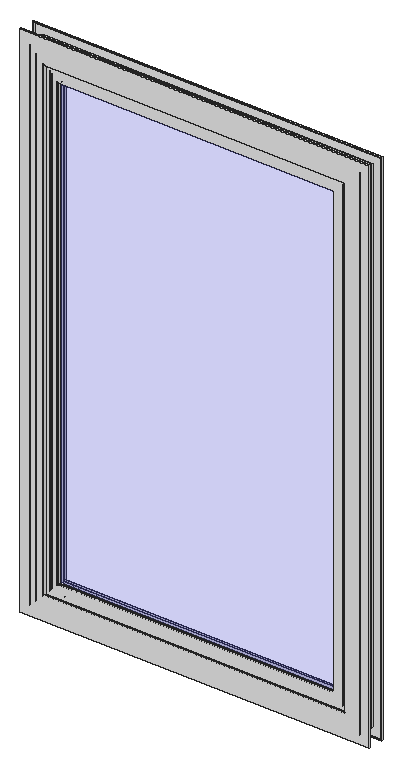
Revit family "WAL_A3-Thermosash-Window-600X900-PS6L", category Windows, host Wall, Revit 2016
Family settings
  Host = Wall
  Always vertical = Yes
  Cut with Voids When Loaded = No
  Shared = No
  Room Calculation Point = No
Parameters (values of type "600 x 900 PS6L Thermosas")
  URL = "www.agi.co.za"
  Trim Material = Metal - Aluminium
  Model = "Top Hung"
  Manufacturer Code = "PS6L"
  Manufacturer = "AGI Aluminium"
  Height = 900 mm
  Glass Material = Glass
  Frame Material = Metal - Aluminium
  Description = "Thermosash Window"
  Default Sill Height = 800 mm
  Wall Closure = By host
  Width = 600 mm
  Assembly Code = "B2020110"
Reference planes
  plane 1 "Center": y = 0
  plane 2 "Center (Left/Right)": x = 0
  plane 3 "Left": x = -300
  plane 4 "Right": x = 300
  plane 5 "Sill": z = 800
  plane 6 "Head": z = 1700
  plane 7 "Exterior": y = 75
  plane 8 "Interior": y = -75
  plane 9: z = 1702
  plane 10: x = 302
  plane 11: x = -302
  plane 12: z = 798
  plane 13: z = 1664
  plane 14: z = 836
  plane 15: x = 264
  plane 16: x = -264
Forms (mm)
  Sweep 1, solid, material "Metal - Aluminium" <- "Frame Material", detail levels medium+fine
    path origin (0, 0, 0) x (1, 0, 0) y (0, 0, 1)
      loop
        line (300, 1700) -> (-300, 1700) -> (-300, 800) -> (300, 800) -> (300, 1700)
    profile "Frame : Frame" origin (0, 0, 1700) x (0, 0, -1) y (0, -1, 0)
      loop
        line (0, -30) -> (28, -30) -> (28, -29) -> (26, -29) -> (26, -1) -> (28, -1) -> (28, -7) -> (29, -7) -> (29, -1) -> (37, -1) -> (37, -3.645) -> (38, -3.645) -> (38, -1) -> (40, -1) -> (40, -3.645) -> (41, -3.645) -> (41, 0) -> (0, 0) -> (0, -2) -> (1, -2) -> (1, -1) -> (15.005, -1) -> (15.005, -4) -> (16.005, -4) -> (16.005, -1) -> (25, -1) -> (25, -29) -> (16.005, -29) -> (16.005, -26) -> (15.005, -26) -> (15.005, -29) -> (1, -29) -> (1, -28) -> (0, -28) -> (0, -30)
  Sweep 2, solid, material "Metal - Aluminium" <- "Frame Material", detail levels medium+fine
    path origin (0, 0, 0) x (1, 0, 0) y (0, 0, 1)
      loop
        line (302, 1702) -> (-302, 1702) -> (-302, 798) -> (302, 798) -> (302, 1702)
    profile "Casement : Casement" origin (0, 0, 1702) x (0, 0, -1) y (0, -1, 0)
      loop
        line (40, -4.645) -> (40, -32.645) -> (49, -32.645) -> (49, -4.645) -> (40, -4.645)
      loop
        line (65, -3.645) -> (37, -3.645) -> (37, -4.645) -> (39, -4.645) -> (39, -32.645) -> (37, -32.645) -> (37, -26.645) -> (36, -26.645) -> (36, -32.645) -> (28, -32.645) -> (28, -30) -> (27, -30) -> (27, -32.645) -> (25, -32.645) -> (25, -30) -> (24, -30) -> (24, -33.645) -> (50, -33.645) -> (50, -4.645) -> (52, -4.645) -> (52, -10.645) -> (53, -10.645) -> (53, -4.645) -> (61, -4.645) -> (61, -7.289) -> (62, -7.289) -> (62, -4.645) -> (64, -4.645) -> (64, -7.289) -> (65, -7.289) -> (65, -3.645)
  Sweep 3, solid, material "Metal - Aluminium" <- "Trim Material", detail levels medium+fine
    path origin (0, 0, 0) x (1, 0, 0) y (0, 0, 1)
      loop
        line (264, 1664) -> (-264, 1664) -> (-264, 836) -> (264, 836) -> (264, 1664)
    profile "Trim : Trim" origin (0, 0, 1664) x (0, 0, -1) y (0, -1, 0)
      loop
        line (24.555, -4.643) -> (24.555, -7.05)
        arc (24.555, -7.05) -> (23.436, -7.753) -> (23, -9) r 2
        line (23, -9) -> (27, -9)
        arc (27, -9) -> (26.552, -7.739) -> (25.41, -7.042) r 2
        line (25.41, -7.042) -> (25.41, -4.643) -> (24.555, -4.643)
      loop
        line (14, -32) -> (29, -17) -> (29, -15.474) -> (26.323, -15.474)
        arc (26.323, -15.474) -> (26.823, -14.797) -> (27, -13.974) r 2
        line (27, -13.974) -> (23, -13.974)
        arc (23, -13.974) -> (23.177, -14.797) -> (23.677, -15.474) r 2
        line (23.677, -15.474) -> (13.467, -15.474) -> (13.467, -7) -> (12.5, -7) -> (12.5, -16.474) -> (20.535, -16.474) -> (24.323, -20.263) -> (12.586, -32) -> (14, -32)
  Extrusion 4, solid, material "Glass" <- "Glass Material", detail levels medium+fine
    sketch origin (0, 0, 0) x (1, 0, 0) y (0, 1, 0)
      loop
        line (-241.018, 13.974) -> (-241.018, 9) -> (241, 9) -> (241, 13.974) -> (-241.018, 13.974)
    from 859 to 1641
Lines and regions (mm)
  Opening 1
    outline origin (3500, -75, 0) x (1, 0, 0) y (0, 0, 1)
      loop
        line (-3200, 800) -> (-3200, 1700) -> (-3800, 1700) -> (-3800, 800) -> (-3200, 800)
  symbolic lines, style "Elevation Swing"
    curve 1: line (278, 0, 1678) -> (-278, 0, 1250)
    curve 2: line (-278, 0, 1250) -> (277, 0, 823)
Text (mm)
  text "EXTERIOR" at (-1963.203, 1332.353, 0), in view "Ref. Level"
  text "INTERIOR" at (-1981.466, -818.386, 0), in view "Ref. Level"
  text "Exterior" at (0, 923.751, 2943.296), in view "Right"
  text "Exterior" at (0, 1040.484, 2685.409), in view "Left"
Dimensions and locks
  equal spacing: plane 3 "Left", plane 2 "Center (Left/Right)", plane 4 "Right"
  "Width": plane 3 "Left" to plane 4 "Right"
  "Height": plane 5 "Sill" to plane 6 "Head"
  "Default Sill Height": plane 5 "Sill" to level
  locked: plane 7 "Exterior" to host wall at 0
  locked: plane 8 "Interior" to host wall
  locked: plane 12 to plane 5 "Sill" at 2
  locked: plane 6 "Head" to plane 9 at 2
  locked: plane 4 "Right" to plane 10 at 2
  locked: plane 11 to plane 3 "Left" at 2
  locked: plane 15 to plane 4 "Right" at 36
  locked: plane 3 "Left" to plane 16 at 36
  locked: plane 5 "Sill" to plane 14 at 36
  locked: plane 13 to plane 6 "Head" at 36
  aligned and locked: host wall to Sweep 1 sketch curve
  aligned and locked: Sweep 1 sketch curve to host wall  (x3)
  aligned and locked: Sweep 2 sketch curve to plane 9
  aligned and locked: plane 10 to Sweep 2 sketch curve
  aligned and locked: plane 12 to Sweep 2 sketch curve
  aligned and locked: Sweep 2 sketch curve to plane 11
  aligned and locked: Sweep 3 sketch curve to plane 13
  aligned and locked: plane 15 to Sweep 3 sketch curve
  aligned and locked: plane 14 to Sweep 3 sketch curve
  aligned and locked: Sweep 3 sketch curve to plane 16
  aligned and locked: Sweep 2 to curve 1  (x2)
  aligned and locked: Sweep 2 to curve 2
  aligned and locked: Sweep 3 to Extrusion 4 sketch curve  (x2)
  aligned and locked: Extrusion 4 sketch curve to Sweep 3  (x2)
  aligned and locked: Extrusion 4 to Sweep 3  (x2)
Automatic sketch dimensions
  Opening 1 sketch curve to plane 3 "Left" = 0 mm
  Opening 1 sketch curve to plane 4 "Right" = 0 mm
  Opening 1 sketch curve to plane 5 "Sill" = 0 mm
  Opening 1 sketch curve to plane 6 "Head" = 0 mm
  curve 2 to plane 14 = 13 mm
  curve 2 to plane 13 = 414 mm
  plane 13 to curve 1 = 14 mm
